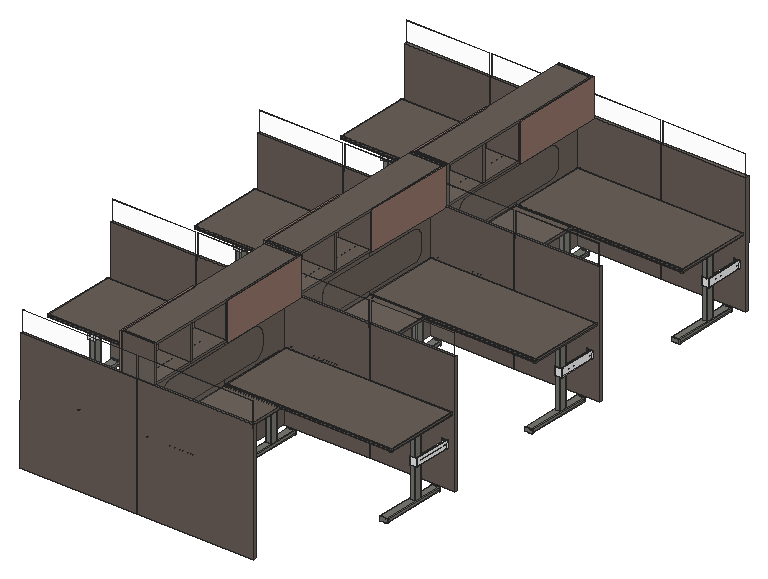
Revit family "OFS TYPICAL T200051", category Furniture, Revit 2018
Family settings
  OmniClass Number = 23.40.20.00
  OmniClass Title = General Furniture and Specialties
  Work Plane-Based = No
  Always vertical = No
  Cut with Voids When Loaded = No
  Shared = No
  Room Calculation Point = No
Parameters (values of type "T200051")
  URL = "https://ofs.com/"
  Manufacturer = "OFS"
  Description = "OFS TYPICAL T200051"
  Copyright © = "©OFS 2024"
  Catalog = "https://ofs.com/typical/t200051"
  Authoring Version = "Autodesk Revit Architecture 2018"
  Assembly Code = "E2020400"
Reference planes (in)
  plane 1 "Center Front/Back": y = 0
  plane 2: z = 0
  plane 3 "Center Left/Right": x = 0
Dimensions and locks (in)
  aligned and locked: level to plane 2
Nested families (in)
  nested 1: "OFS ELEMENT OPEN L DESK LEFT AND RIGHT 84in Width 60in Return" at (102, 18.84375, 84), type "ELEMENT OPEN L DESK LEFT RETURN 84in Width 60in Return"
    with Right Desk Ovelay no, Left Desk Overlay no, Desk Overlay Option yes
  nested 2: "STAKS CORNER SHELF FOR WALL PANEL" at (-5.59619, -47.09619, -1.25) x (-0.7071, 0.7071, 0) z (0, 0, 1), type "STAKS CORNER SHELF FOR WALL PANEL"
    with Height Above Floor 29"
  nested 3: "STAKS CORNER SHELF FOR WALL PANEL" at (-5.59619, 98.40381, -1.25) x (0.7071, -0.7071, 0) z (0, 0, 1), type "STAKS CORNER SHELF FOR WALL PANEL"
    with Height Above Floor 29"
  nested 4: "STAKS CORNER SHELF FOR WALL PANEL" at (4.59619, 25.40381, -1.25) x (0.7071, 0.7071, 0) z (0, 0, 1), type "STAKS CORNER SHELF FOR WALL PANEL"
    with Height Above Floor 29"
  nested 5: "STAKS CORNER SHELF FOR WALL PANEL" at (4.59619, 98.40381, -1.25) x (0.7071, 0.7071, 0) z (0, 0, 1), type "STAKS CORNER SHELF FOR WALL PANEL"
    with Height Above Floor 29"
  nested 6: "STAKS CORNER SHELF FOR WALL PANEL" at (4.59619, -47.09619, -1.25) x (0.7071, 0.7071, 0) z (0, 0, 1), type "STAKS CORNER SHELF FOR WALL PANEL"
    with Height Above Floor 29"
  nested 7: "STAKS CORNER SHELF FOR WALL PANEL" at (-5.59619, 25.40381, -1.25) x (0.7071, -0.7071, 0) z (0, 0, 1), type "STAKS CORNER SHELF FOR WALL PANEL"
    with Height Above Floor 29"
  nested 8: "STAKS 15H SHARED ORGANIZER Two Openings Left" at (-8.83365, 39.94502, 0) x (0, 1, 0) z (0, 0, 1), type "STAKS 15H SHARED ORGANIZER Two Openings Left 72in W"
    with Height Above Floor 62 1/2"
  nested 9: "STAKS 15H SHARED ORGANIZER Two Openings Left" at (6.95272, 21.42727, 0) x (0, -1, 0) z (0, 0, 1), type "STAKS 15H SHARED ORGANIZER Two Openings Left 72in W"
    with Height Above Floor 62 1/2"
  nested 10: "STAKS 15H SHARED ORGANIZER Two Openings Left" at (-8.83037, -105.55498, 0) x (0, 1, 0) z (0, 0, 1), type "STAKS 15H SHARED ORGANIZER Two Openings Left 72in W"
    with Height Above Floor 62 1/2"
  nested 11: "STAKS RECTANGULAR WORKSURFACES Long Grain" at (-0.33365, -49.05498, 0) x (0, 1, 0) z (0, 0, 1), type "STAKS RECTANGULAR WORKSURFACE 40 x 22"
    with Height Above Floor 29"
  nested 12: "STAKS RECTANGULAR WORKSURFACES Long Grain" at (-26.33365, 23.44502, 0) x (0, 1, 0) z (0, 0, 1), type "STAKS RECTANGULAR WORKSURFACE 40 x 22"
    with Height Above Floor 29"
  nested 13: "STAKS RECTANGULAR WORKSURFACES Long Grain" at (0.19185, -121.55498, 0) x (0, 1, 0) z (0, 0, 1), type "STAKS RECTANGULAR WORKSURFACE 40 x 22"
    with Height Above Floor 29"
  nested 14: "STAKS RECTANGULAR WORKSURFACES Long Grain" at (-0.33365, 23.44502, 0) x (0, 1, 0) z (0, 0, 1), type "STAKS RECTANGULAR WORKSURFACE 40 x 22"
    with Height Above Floor 29"
  nested 15: "STAKS RECTANGULAR WORKSURFACES Long Grain" at (-26.83365, -121.55498, 0) x (0, 1, 0) z (0, 0, 1), type "STAKS RECTANGULAR WORKSURFACE 40 x 22"
    with Height Above Floor 29"
  nested 16: "STAKS RECTANGULAR WORKSURFACES Long Grain" at (-26.33365, -49.05498, 0) x (0, 1, 0) z (0, 0, 1), type "STAKS RECTANGULAR WORKSURFACE 40 x 22"
    with Height Above Floor 29"
  nested 17: "STAKS BENCHING RECTANGULAR WORKSURFACES" at (75.05498, 69.66635, 0) x (-1, 0, 0) z (0, 0, 1), type "STAKS BENCHING RECTANGULAR WORKSURFACE 66 X 30"
  nested 18: "STAKS BENCHING RECTANGULAR WORKSURFACES" at (5.05498, -3.33365, 0) x (-1, 0, 0) z (0, 0, 1), type "STAKS BENCHING RECTANGULAR WORKSURFACE 66 X 30"
  nested 19: "STAKS BENCHING RECTANGULAR WORKSURFACES" at (4.55498, -75.83365, 0) x (-1, 0, 0) z (0, 0, 1), type "STAKS BENCHING RECTANGULAR WORKSURFACE 66 X 30"
  nested 20: "STAKS BENCHING RECTANGULAR WORKSURFACES" at (75.05498, -3.33365, 0) x (-1, 0, 0) z (0, 0, 1), type "STAKS BENCHING RECTANGULAR WORKSURFACE 66 X 30"
  nested 21: "STAKS BENCHING RECTANGULAR WORKSURFACES" at (5.05498, 69.66635, 0) x (-1, 0, 0) z (0, 0, 1), type "STAKS BENCHING RECTANGULAR WORKSURFACE 66 X 30"
  nested 22: "STAKS BENCHING RECTANGULAR WORKSURFACES" at (75.55498, -75.83365, 0) x (-1, 0, 0) z (0, 0, 1), type "STAKS BENCHING RECTANGULAR WORKSURFACE 66 X 30"
  nested 23: "STAKS WORKSURFACE HEIGHT PEDESTAL - BOX-BOX-FILE - NO RISER SUPPORT" at (24.52586, -127.03961, 0) x (0, 1, 0) z (0, 0, 1), type "STAKS WORKSURFACE HEIGHT PEDESTAL - BOX-BOX-FILE - NO RISER SUPPORT 19in D"
  nested 24: "STAKS WORKSURFACE HEIGHT PEDESTAL - BOX-BOX-FILE - NO RISER SUPPORT" at (-25.50035, -85.08539, 0) x (0, -1, 0) z (0, 0, 1), type "STAKS WORKSURFACE HEIGHT PEDESTAL - BOX-BOX-FILE - NO RISER SUPPORT 19in D"
  nested 25: "STAKS WORKSURFACE HEIGHT PEDESTAL - BOX-BOX-FILE - NO RISER SUPPORT" at (-25.00035, 59.91461, 0) x (0, -1, 0) z (0, 0, 1), type "STAKS WORKSURFACE HEIGHT PEDESTAL - BOX-BOX-FILE - NO RISER SUPPORT 19in D"
  nested 26: "STAKS WORKSURFACE HEIGHT PEDESTAL - BOX-BOX-FILE - NO RISER SUPPORT" at (-25.00035, -12.58539, 0) x (0, -1, 0) z (0, 0, 1), type "STAKS WORKSURFACE HEIGHT PEDESTAL - BOX-BOX-FILE - NO RISER SUPPORT 19in D"
  nested 27: "STAKS WORKSURFACE HEIGHT PEDESTAL - BOX-BOX-FILE - NO RISER SUPPORT" at (24.00035, -54.53961, 0) x (0, 1, 0) z (0, 0, 1), type "STAKS WORKSURFACE HEIGHT PEDESTAL - BOX-BOX-FILE - NO RISER SUPPORT 19in D"
  nested 28: "STAKS WORKSURFACE HEIGHT PEDESTAL - BOX-BOX-FILE - NO RISER SUPPORT" at (24.00035, 17.96039, 0) x (0, 1, 0) z (0, 0, 1), type "STAKS WORKSURFACE HEIGHT PEDESTAL - BOX-BOX-FILE - NO RISER SUPPORT 19in D"
  nested 29: "STAKS SPINE OR DIVIDER WALL 48in" at (-2.83365, -7.55498, 0) x (0, 1, 0) z (0, 0, 1), type "STAKS SPINE OR DIVIDER WALL 48in X 30in"
    with Height Above Floor 48"
  nested 30: "STAKS SPINE OR DIVIDER WALL 48in" at (-2.83365, 65.44502, 0) x (0, 1, 0) z (0, 0, 1), type "STAKS SPINE OR DIVIDER WALL 48in X 30in"
    with Height Above Floor 48"
  nested 31: "STAKS SPINE OR DIVIDER WALL 48in" at (-2.83365, -79.55498, 0) x (0, 1, 0) z (0, 0, 1), type "STAKS SPINE OR DIVIDER WALL 48in X 30in"
    with Height Above Floor 48"
  nested 32: "STAKS SPINE OR DIVIDER WALL 48in" at (-42.05498, 32.83365, 0), type "STAKS SPINE OR DIVIDER WALL 48in X 34in"
    with Height Above Floor 48", Width 34"
  nested 33: "STAKS SPINE OR DIVIDER WALL 48in" at (25.94502, 105.83365, 0), type "STAKS SPINE OR DIVIDER WALL 48in X 34in"
    with Height Above Floor 48", Width 34"
  nested 34: "STAKS SPINE OR DIVIDER WALL 48in" at (-76.05498, 105.83365, 0), type "STAKS SPINE OR DIVIDER WALL 48in X 34in"
    with Height Above Floor 48", Width 34"
  nested 35: "STAKS SPINE OR DIVIDER WALL 48in" at (-8.05498, 105.83365, 0), type "STAKS SPINE OR DIVIDER WALL 48in X 34in"
    with Height Above Floor 48", Width 34"
  nested 36: "STAKS SPINE OR DIVIDER WALL 48in" at (-42.05498, 105.83365, 0), type "STAKS SPINE OR DIVIDER WALL 48in X 34in"
    with Height Above Floor 48", Width 34"
  nested 37: "STAKS SPINE OR DIVIDER WALL 48in" at (-76.55498, -39.66635, 0), type "STAKS SPINE OR DIVIDER WALL 48in X 34in"
    with Height Above Floor 48", Width 34"
  nested 38: "STAKS SPINE OR DIVIDER WALL 48in" at (-42.55498, -39.66635, 0), type "STAKS SPINE OR DIVIDER WALL 48in X 34in"
    with Height Above Floor 48", Width 34"
  nested 39: "STAKS SPINE OR DIVIDER WALL 48in" at (26.44502, -39.66635, 0), type "STAKS SPINE OR DIVIDER WALL 48in X 34in"
    with Height Above Floor 48", Width 34"
  nested 40: "STAKS SPINE OR DIVIDER WALL 48in" at (-76.05498, 32.83365, 0), type "STAKS SPINE OR DIVIDER WALL 48in X 34in"
    with Height Above Floor 48", Width 34"
  nested 41: "STAKS SPINE OR DIVIDER WALL 48in" at (-7.55498, -39.66635, 0), type "STAKS SPINE OR DIVIDER WALL 48in X 34in"
    with Height Above Floor 48", Width 34"
  nested 42: "STAKS SPINE OR DIVIDER WALL 48in" at (25.94502, 32.83365, 0), type "STAKS SPINE OR DIVIDER WALL 48in X 34in"
    with Height Above Floor 48", Width 34"
  nested 43: "STAKS SPINE OR DIVIDER WALL 48in" at (-8.05498, 32.83365, 0), type "STAKS SPINE OR DIVIDER WALL 48in X 34in"
    with Height Above Floor 48", Width 34"
  nested 44: "STAKS SPINE OR DIVIDER WALL 48in" at (-2.83365, -49.55498, 0) x (0, 1, 0) z (0, 0, 1), type "STAKS SPINE OR DIVIDER WALL 48in X 42in"
    with Height Above Floor 48"
  nested 45: "STAKS SPINE OR DIVIDER WALL 48in" at (-2.83365, -121.55498, 0) x (0, 1, 0) z (0, 0, 1), type "STAKS SPINE OR DIVIDER WALL 48in X 42in"
    with Height Above Floor 48"
  nested 46: "STAKS SPINE OR DIVIDER WALL 48in" at (-2.83365, 23.44502, 0) x (0, 1, 0) z (0, 0, 1), type "STAKS SPINE OR DIVIDER WALL 48in X 42in"
    with Height Above Floor 48"
  nested 47: "STAKS SPINE OR DIVIDER WALL 48in" at (-8.05498, -112.16635, 0), type "STAKS SPINE OR DIVIDER WALL 48in X 46.5in"
    with Height Above Floor 48", Width 46 1/2"
  nested 48: "STAKS SPINE OR DIVIDER WALL 48in" at (-54.55498, -112.16635, 0), type "STAKS SPINE OR DIVIDER WALL 48in X 46.5in"
    with Height Above Floor 48", Width 46 1/2"
  nested 49: "STAKS FROSTED ACRYLIC PRIVACY PANEL" at (-1, 27.74694, 0), type "STAKS FROSTED ACRYLIC PRIVACY PANEL 33 x 10"
  nested 50: "STAKS FROSTED ACRYLIC PRIVACY PANEL" at (-35, 27.74694, 0), type "STAKS FROSTED ACRYLIC PRIVACY PANEL 33 x 10"
  nested 51: "STAKS FROSTED ACRYLIC PRIVACY PANEL" at (67, 27.74694, 0), type "STAKS FROSTED ACRYLIC PRIVACY PANEL 33 x 10"
  nested 52: "STAKS FROSTED ACRYLIC PRIVACY PANEL" at (33, 27.74694, 0), type "STAKS FROSTED ACRYLIC PRIVACY PANEL 33 x 10"
  nested 53: "STAKS FROSTED ACRYLIC PRIVACY PANEL" at (33.5, -44.75035, 0), type "STAKS FROSTED ACRYLIC PRIVACY PANEL 33 x 10"
  nested 54: "STAKS FROSTED ACRYLIC PRIVACY PANEL" at (-1.5, -44.75035, 0), type "STAKS FROSTED ACRYLIC PRIVACY PANEL 33 x 10"
  nested 55: "STAKS FROSTED ACRYLIC PRIVACY PANEL" at (-35.5, -44.75035, 0), type "STAKS FROSTED ACRYLIC PRIVACY PANEL 33 x 10"
  nested 56: "STAKS FROSTED ACRYLIC PRIVACY PANEL" at (67, 100.74965, 0), type "STAKS FROSTED ACRYLIC PRIVACY PANEL 33 x 10"
  nested 57: "STAKS FROSTED ACRYLIC PRIVACY PANEL" at (33, 100.74965, 0), type "STAKS FROSTED ACRYLIC PRIVACY PANEL 33 x 10"
  nested 58: "STAKS FROSTED ACRYLIC PRIVACY PANEL" at (-35, 100.74965, 0), type "STAKS FROSTED ACRYLIC PRIVACY PANEL 33 x 10"
  nested 59: "STAKS FROSTED ACRYLIC PRIVACY PANEL" at (-1, 100.74965, 0), type "STAKS FROSTED ACRYLIC PRIVACY PANEL 33 x 10"
  nested 60: "STAKS FROSTED ACRYLIC PRIVACY PANEL" at (34.5, -44.75035, 0) x (-1, 0, 0) z (0, 0, 1), type "STAKS FROSTED ACRYLIC PRIVACY PANEL 33 x 10"
  nested 61: "STAKS FROSTED ACRYLIC PRIVACY PANEL" at (-7.25, -117.23714, 0), type "STAKS FROSTED ACRYLIC PRIVACY PANEL 45.5 x 10"
    with Width 45 1/2"
  nested 62: "STAKS FROSTED ACRYLIC PRIVACY PANEL" at (39.125, -117.23714, 0), type "STAKS FROSTED ACRYLIC PRIVACY PANEL 45.5 x 10"
    with Width 45 1/2"
  nested 63: "STAKS FABRIC TACKBOARD WITH ROUNDED CORNERS FOR SPINE OR DIVIDER WALL" at (-1.83365, 36.50386, 0) x (0, 1, 0) z (0, 0, 1), type "STAKS FABRIC TACKBOARD WITH ROUNDED CORNERS FOR SPINE OR DIVIDER WALL 12H x 49-73.9375W"
    with Height Above Floor 41 1/2"
  nested 64: "STAKS FABRIC TACKBOARD WITH ROUNDED CORNERS FOR SPINE OR DIVIDER WALL" at (-3.33365, 36.50386, 0) x (0, 1, 0) z (0, 0, 1), type "STAKS FABRIC TACKBOARD WITH ROUNDED CORNERS FOR SPINE OR DIVIDER WALL 12H x 49-73.9375W"
    with Height Above Floor 41 1/2"
  nested 65: "STAKS FABRIC TACKBOARD WITH ROUNDED CORNERS FOR SPINE OR DIVIDER WALL" at (-1.83365, -31.46991, 0) x (0, 1, 0) z (0, 0, 1), type "STAKS FABRIC TACKBOARD WITH ROUNDED CORNERS FOR SPINE OR DIVIDER WALL 12H x 49-73.9375W"
    with Height Above Floor 41 1/2"
  nested 66: "STAKS FABRIC TACKBOARD WITH ROUNDED CORNERS FOR SPINE OR DIVIDER WALL" at (-3.33365, -31.46991, 0) x (0, 1, 0) z (0, 0, 1), type "STAKS FABRIC TACKBOARD WITH ROUNDED CORNERS FOR SPINE OR DIVIDER WALL 12H x 49-73.9375W"
    with Height Above Floor 41 1/2"
  nested 67: "STAKS FABRIC TACKBOARD WITH ROUNDED CORNERS FOR SPINE OR DIVIDER WALL" at (-1.83365, -110.5397, 0) x (0, 1, 0) z (0, 0, 1), type "STAKS FABRIC TACKBOARD WITH ROUNDED CORNERS FOR SPINE OR DIVIDER WALL 12H x 49-73.9375W"
    with Height Above Floor 41 1/2"
  nested 68: "STAKS FABRIC TACKBOARD WITH ROUNDED CORNERS FOR SPINE OR DIVIDER WALL" at (-3.33365, -110.63214, 0) x (0, 1, 0) z (0, 0, 1), type "STAKS FABRIC TACKBOARD WITH ROUNDED CORNERS FOR SPINE OR DIVIDER WALL 12H x 49-73.9375W"
    with Height Above Floor 41 1/2"
  nested 69: "STAKS OFFSET ELECTRIC ADJUSTABLE HEIGHT BASE Rectangular" at (-47.74016, -53.43749, 0), type "STAKS OFFSET ELECTRIC ADJUSTABLE HEIGHT BASE 30in Rectangular"
    with Height 27 7/8"
  nested 70: "STAKS OFFSET ELECTRIC ADJUSTABLE HEIGHT BASE Rectangular" at (22.25984, -53.37535, 0), type "STAKS OFFSET ELECTRIC ADJUSTABLE HEIGHT BASE 30in Rectangular"
    with Height 27 7/8"
  nested 71: "STAKS OFFSET ELECTRIC ADJUSTABLE HEIGHT BASE Rectangular" at (22.36906, 19.07184, 0), type "STAKS OFFSET ELECTRIC ADJUSTABLE HEIGHT BASE 30in Rectangular"
    with Height 27 7/8"
  nested 72: "STAKS OFFSET ELECTRIC ADJUSTABLE HEIGHT BASE Rectangular" at (-47.62546, 18.99377, 0), type "STAKS OFFSET ELECTRIC ADJUSTABLE HEIGHT BASE 30in Rectangular"
    with Height 27 7/8"
  nested 73: "STAKS OFFSET ELECTRIC ADJUSTABLE HEIGHT BASE Rectangular" at (-47.45105, 92.03456, 0), type "STAKS OFFSET ELECTRIC ADJUSTABLE HEIGHT BASE 30in Rectangular"
    with Height 27 7/8"
  nested 74: "STAKS OFFSET ELECTRIC ADJUSTABLE HEIGHT BASE Rectangular" at (22.55003, 92.02286, 0), type "STAKS OFFSET ELECTRIC ADJUSTABLE HEIGHT BASE 30in Rectangular"
    with Height 27 7/8"
  nested 75: "STAKS OFFSET ELECTRIC ADJUSTABLE HEIGHT BASE Rectangular" at (-23.21181, 92.00499, 0) x (-1, 0, 0) z (0, 0, 1), type "STAKS OFFSET ELECTRIC ADJUSTABLE HEIGHT BASE 30in Rectangular"
    with Height 27 7/8"
  nested 76: "STAKS OFFSET ELECTRIC ADJUSTABLE HEIGHT BASE Rectangular" at (46.5, 92.03456, 0) x (-1, 0, 0) z (0, 0, 1), type "STAKS OFFSET ELECTRIC ADJUSTABLE HEIGHT BASE 30in Rectangular"
    with Height 27 7/8"
  nested 77: "STAKS OFFSET ELECTRIC ADJUSTABLE HEIGHT BASE Rectangular" at (-22.5, 19.07184, 0) x (-1, 0, 0) z (0, 0, 1), type "STAKS OFFSET ELECTRIC ADJUSTABLE HEIGHT BASE 30in Rectangular"
    with Height 27 7/8"
  nested 78: "STAKS OFFSET ELECTRIC ADJUSTABLE HEIGHT BASE Rectangular" at (46.5, 19.07184, 0) x (-1, 0, 0) z (0, 0, 1), type "STAKS OFFSET ELECTRIC ADJUSTABLE HEIGHT BASE 30in Rectangular"
    with Height 27 7/8"
  nested 79: "STAKS OFFSET ELECTRIC ADJUSTABLE HEIGHT BASE Rectangular" at (-23.25984, -53.37535, 0) x (-1, 0, 0) z (0, 0, 1), type "STAKS OFFSET ELECTRIC ADJUSTABLE HEIGHT BASE 30in Rectangular"
    with Height 27 7/8"
  nested 80: "STAKS OFFSET ELECTRIC ADJUSTABLE HEIGHT BASE Rectangular" at (46.72373, -53.46431, 0) x (-1, 0, 0) z (0, 0, 1), type "STAKS OFFSET ELECTRIC ADJUSTABLE HEIGHT BASE 30in Rectangular"
    with Height 27 7/8"
  nested 81: "STAKS BENCHING CANTILEVER WORKSURFACE BRACKET - OPEN" at (-4.37535, -110.62364, 0) x (0, -1, 0) z (0, 0, 1), type "CANTILEVER WORKSURFACE BRACKET - OPEN 22in"
  nested 82: "STAKS BENCHING CANTILEVER WORKSURFACE BRACKET - OPEN" at (-3.87535, -37.5, 0) x (0, -1, 0) z (0, 0, 1), type "CANTILEVER WORKSURFACE BRACKET - OPEN 22in"
  nested 83: "STAKS BENCHING CANTILEVER WORKSURFACE BRACKET - OPEN" at (-4.37535, 34.5, 0) x (0, -1, 0) z (0, 0, 1), type "CANTILEVER WORKSURFACE BRACKET - OPEN 22in"
  nested 84: "STAKS BENCHING CANTILEVER WORKSURFACE BRACKET - OPEN" at (3.37535, 67.53171, 0) x (0, 1, 0) z (0, 0, 1), type "CANTILEVER WORKSURFACE BRACKET - OPEN 22in"
  nested 85: "STAKS BENCHING CANTILEVER WORKSURFACE BRACKET - OPEN" at (4.37535, -4.46241, 0) x (0, 1, 0) z (0, 0, 1), type "CANTILEVER WORKSURFACE BRACKET - OPEN 22in"
  nested 86: "STAKS BENCHING CANTILEVER WORKSURFACE BRACKET - OPEN" at (3.37535, -77.59933, 0) x (0, 1, 0) z (0, 0, 1), type "CANTILEVER WORKSURFACE BRACKET - OPEN 22in"
  nested 87: "OFS STAKS HEIGHT ADJUSTABLE LEG WALL PANEL BRACKET" at (-62.86482, 111.79783, 0) x (0, 1, 0) z (0, 0, 1), type "HA Leg Wall Panel Bracket"
  nested 88: "OFS STAKS HEIGHT ADJUSTABLE LEG WALL PANEL BRACKET" at (7.13518, 111.80659, 0) x (0, 1, 0) z (0, 0, 1), type "HA Leg Wall Panel Bracket"
  nested 89: "OFS STAKS HEIGHT ADJUSTABLE LEG WALL PANEL BRACKET" at (-5.62465, 111.80659, 0) x (0, 1, 0) z (0, 0, 1), type "HA Leg Wall Panel Bracket"
  nested 90: "OFS STAKS HEIGHT ADJUSTABLE LEG WALL PANEL BRACKET" at (-4.92634, 38.8125, 0) x (0, 1, 0) z (0, 0, 1), type "HA Leg Wall Panel Bracket"
  nested 91: "OFS STAKS HEIGHT ADJUSTABLE LEG WALL PANEL BRACKET" at (-63.14741, -33.6875, 0) x (0, 1, 0) z (0, 0, 1), type "HA Leg Wall Panel Bracket"
  nested 92: "OFS STAKS HEIGHT ADJUSTABLE LEG WALL PANEL BRACKET" at (-5.68351, -33.6875, 0) x (0, 1, 0) z (0, 0, 1), type "HA Leg Wall Panel Bracket"
  nested 93: "OFS STAKS HEIGHT ADJUSTABLE LEG WALL PANEL BRACKET" at (-63.06058, 38.80423, 0) x (0, 1, 0) z (0, 0, 1), type "HA Leg Wall Panel Bracket"
  nested 94: "OFS STAKS HEIGHT ADJUSTABLE LEG WALL PANEL BRACKET" at (61.90346, 38.80222, 0) x (0, 1, 0) z (0, 0, 1), type "HA Leg Wall Panel Bracket"
  nested 95: "OFS STAKS HEIGHT ADJUSTABLE LEG WALL PANEL BRACKET" at (61.93143, 111.8125, 0) x (0, 1, 0) z (0, 0, 1), type "HA Leg Wall Panel Bracket"
  nested 96: "OFS STAKS HEIGHT ADJUSTABLE LEG WALL PANEL BRACKET" at (4.80049, 38.80693, 0) x (0, 1, 0) z (0, 0, 1), type "HA Leg Wall Panel Bracket"
  nested 97: "OFS STAKS HEIGHT ADJUSTABLE LEG WALL PANEL BRACKET" at (62.17159, -33.6875, 0) x (0, 1, 0) z (0, 0, 1), type "HA Leg Wall Panel Bracket"
  nested 98: "OFS STAKS HEIGHT ADJUSTABLE LEG WALL PANEL BRACKET" at (4.68478, -33.65197, 0) x (0, 1, 0) z (0, 0, 1), type "HA Leg Wall Panel Bracket"
Definition of nested family "STAKS CORNER SHELF FOR WALL PANEL"
  Parameters (values of type "STAKS CORNER SHELF FOR WALL PANEL")
    Width = 21"
    Veneer Material = none
    URL = "http://www.ofs.com/"
    Height Above Floor [instance] = 29"
    Height = 3/4"
    Edge Material = none
    Model = "6-2108SHLF"
    Manufacturer = "OFS"
    Description = "OFS STAKS CORNER SHELF FOR WALL PANEL"
    Depth = 8"
    Copyright © = "© 2018 OFS"
    Catalog = "https://ofs.com/products/casegoods/private-office/staks"
    Authoring Version = "Autodesk Revit Architecture 2013"
    Assembly Code = "E2020200"
    3D Laminate Material = none
  Reference planes (in)
    plane 1 "Center (Front/Back)": y = 0
    plane 2: z = 0
    plane 3 "Center (Left/Right)": x = 0
    plane 4: x = 10.5
    plane 5: x = -10.5
    plane 6: y = 4
    plane 7: y = -4
    plane 8: z = 28.25
    plane 9: z = 29
  Forms (in)
    Extrusion 1, solid, material <- "3D Laminate Material"
      sketch origin (3.56329, 81.33771, 7) x (-1, 0, 0) y (0, -1, 0)
        loop
          line (14.06329, 85.33771) -> (-6.93671, 85.33771) -> (1.06329, 77.33771) -> (6.06329, 77.33771) -> (14.06329, 85.33771)
      from 22 to 21.25
  Dimensions and locks (in)
    equal spacing: plane 5, plane 3 "Center (Left/Right)", plane 4
    "Width": plane 5 to plane 4
    "Depth": plane 6 to plane 7
    equal spacing: plane 7, plane 1 "Center (Front/Back)", plane 6
    "Height": plane 9 to plane 8
    "Height Above Floor": plane 9 to level
    aligned and locked: level to plane 2
    aligned and locked: plane 9 to Extrusion 1
    aligned and locked: Extrusion 1 to plane 8
    aligned and locked: plane 4 to Extrusion 1 sketch curve
    aligned and locked: Extrusion 1 sketch curve to plane 6
  Automatic sketch dimensions
    plane 7 to Extrusion 1 sketch curve = 0"
    plane 3 "Center (Left/Right)" to Extrusion 1 sketch curve = 2 1/2"
    Extrusion 1 sketch curve to plane 3 "Center (Left/Right)" = 2 1/2"
    Extrusion 1 sketch curve to plane 5 = 0"
Definition of nested family "STAKS 15H SHARED ORGANIZER Two Openings Left"
  Parameters (values of type "STAKS 15H SHARED ORGANIZER Two Openings Left 54in W")
    URL = "http://www.ofs.com/"
    Height Above Floor [instance] = 62 1/2"
    Height = 15"
    Doors Material = none
    Depth = 14 1/2"
    Model = "6-5415LSORG4C"
    Manufacturer = "OFS"
    Description = "OFS STAKS 15H SHARED ORGANIZER 54\" Width, Two Openings on each Side, Aligned to the Left"
    Width = 54"
    Copyright © = "© 2018 OFS"
    Catalog = "https://ofs.com/products/casegoods/private-office/staks"
    Board Material = none
    Board Thickness = 3/4"
    Authoring Version = "Autodesk Revit Architecture 2013"
    Assembly Code = "E2020200"
  Types (6): name | Model | Description | Width
    STAKS 15H SHARED ORGANIZER Two Openings Left 54in W | "6-5415LSORG4C" | "OFS STAKS 15H SHARED ORGANIZER 54\" Width, Two Openings on each Side, Aligned to the Left" | 54"
    STAKS 15H SHARED ORGANIZER Two Openings Left 60in W | "6-6015LSORG4C" | "OFS STAKS 15H SHARED ORGANIZER 60\" Width, Two Openings on each Side, Aligned to the Left" | 60"
    STAKS 15H SHARED ORGANIZER Two Openings Left 66in W | "6-6615LSORG4C" | "OFS STAKS 15H SHARED ORGANIZER 66\" Width, Two Openings on each Side, Aligned to the Left" | 66"
    STAKS 15H SHARED ORGANIZER Two Openings Left 72in W | "6-7215LSORG4C" | "OFS STAKS 15H SHARED ORGANIZER 72\" Width, Two Openings on each Side, Aligned to the Left" | 72"
    STAKS 15H SHARED ORGANIZER Two Openings Left 78in W | "6-7815LSORG4C" | "OFS STAKS 15H SHARED ORGANIZER 78\" Width, Two Openings on each Side, Aligned to the Left" | 78"
    STAKS 15H SHARED ORGANIZER Two Openings Left 84in W | "6-8415LSORG4C" | "OFS STAKS 15H SHARED ORGANIZER 84\" Width, Two Openings on each Side, Aligned to the Left" | 84"
  Reference planes (in)
    plane 1: z = -0.125
    plane 2 "LEFT": x = 0.05498
    plane 3 "RIGHT": x = 54.05498
    plane 4 "BACK": y = -1.83365
    plane 5 "FRONT": y = -14.83365
    plane 6: x = 0.80498
    plane 7: x = 53.30498
    plane 8: z = 47.375
    plane 9 "SURFACE TOP": z = 62.375
    plane 10: z = 48.125
    plane 11: x = 27.05498
    plane 12: z = 61.625
    plane 13: y = -8.33365
    plane 14: y = -7.95865
    plane 15: y = -8.70865
    plane 16: x = 13.74248
    plane 17: x = 40.36748
    plane 18: x = 40.74248
    plane 19: x = 39.99248
    plane 20: x = 13.36748
    plane 21: x = 14.11748
    plane 22: y = -1.08365
    plane 23: y = -15.58365
    plane 24: x = 27.42998
    plane 25: x = 26.67998
  Forms (in)
    Extrusion 1, solid, material <- "Board Material"
      sketch origin (0, 0, 62.375) x (0, 1, 0) y (-1, 0, 0)
        loop
          line (-1.83365, -0.80498) -> (-14.83365, -0.80498) -> (-14.83365, -53.30498) -> (-1.83365, -53.30498) -> (-1.83365, -0.80498)
      from -14.25 to -15
    Extrusion 2, solid, material <- "Board Material"
      sketch origin (0, 0, 62.375) x (0, 1, 0) y (-1, 0, 0)
        loop
          line (-1.83365, -0.80498) -> (-1.83365, -0.05498) -> (-14.83365, -0.05498) -> (-14.83365, -0.80498) -> (-1.83365, -0.80498)
        loop
          line (-1.83365, -54.05498) -> (-1.83365, -53.30498) -> (-14.83365, -53.30498) -> (-14.83365, -54.05498) -> (-1.83365, -54.05498)
      from 0 to -15
    Extrusion 3, solid, material <- "Board Material"
      sketch origin (0, 0, 27.375) x (0, 1, 0) y (-1, 0, 0)
        loop
          line (-1.83365, -0.80498) -> (-14.83365, -0.80498) -> (-14.83365, -53.30498) -> (-1.83365, -53.30498) -> (-1.83365, -0.80498)
      from 35 to 34.25
    Extrusion 4, solid, material <- "Board Material"
      sketch origin (0, 0, 62.375) x (0, 1, 0) y (-1, 0, 0)
        loop
          line (-1.83365, -39.99248) -> (-14.83365, -39.99248) -> (-14.83365, -40.74248) -> (-1.83365, -40.74248) -> (-1.83365, -39.99248)
      from -0.75 to -14.25
    Extrusion 5, solid, material <- "Board Material"
      sketch origin (54.10996, 0, 62.375) x (0, 1, 0) y (-1, 0, 0)
        loop
          line (-1.83365, 39.99248) -> (-1.83365, 40.74248) -> (-14.83365, 40.74248) -> (-14.83365, 39.99248) -> (-1.83365, 39.99248)
      from -0.75 to -14.25
    Extrusion 6, solid, material <- "Doors Material"
      sketch origin (-45.26558, 47.63816, -0.125) x (0, 1, 0) y (-1, 0, 0)
        loop
          line (-48.72181, -45.32056) -> (-49.47181, -45.32056) -> (-49.47181, -72.69556) -> (-48.72181, -72.69556) -> (-48.72181, -45.32056)
      from 62.5 to 47.5
    Extrusion 7, solid, material <- "Board Material"
      sketch origin (-13.3125, 0, 62.375) x (0, 1, 0) y (-1, 0, 0)
        loop
          line (-1.83365, -39.99248) -> (-14.83365, -39.99248) -> (-14.83365, -40.74248) -> (-1.83365, -40.74248) -> (-1.83365, -39.99248)
      from -0.75 to -14.25
    Extrusion 8, solid, material <- "Doors Material"
      sketch origin (-113.26558, -64.30546, -0.125) x (0, -1, 0) y (1, 0, 0)
        loop
          line (-48.72181, 139.94556) -> (-48.72181, 167.32056) -> (-49.47181, 167.32056) -> (-49.47181, 139.94556) -> (-48.72181, 139.94556)
      from 62.5 to 47.5
  Dimensions and locks (in)
    "Width": plane 2 "LEFT" to plane 3 "RIGHT"
    "Height": plane 9 "SURFACE TOP" to plane 8
    "Board Thickness": plane 2 "LEFT" to plane 6
    "Board Thickness": plane 7 to plane 3 "RIGHT"
    "Height Above Floor": plane 9 "SURFACE TOP" to level
    "Board Thickness": plane 10 to plane 8
    equal spacing: plane 2 "LEFT", plane 11, plane 3 "RIGHT"
    "Board Thickness": plane 9 "SURFACE TOP" to plane 12
    equal spacing: plane 4 "BACK", plane 13, plane 5 "FRONT"
    equal spacing: plane 14, plane 13, plane 15
    "Board Thickness": plane 14 to plane 15
    equal spacing: plane 19, plane 17, plane 18
    "Board Thickness": plane 19 to plane 18
    equal spacing: plane 21, plane 16, plane 20
    "Board Thickness": plane 21 to plane 20
    locked: plane 5 "FRONT" to plane 23 at 0.75
    locked: plane 22 to plane 4 "BACK" at 0.75
    "Depth": plane 22 to plane 23
    equal spacing: plane 25, plane 11, plane 24
    "Board Thickness": plane 25 to plane 24
    equal spacing: plane 6, plane 16, plane 25
    equal spacing: plane 24, plane 17, plane 7
    aligned: level to plane 1
    aligned and locked: Extrusion 1 sketch curve to plane 4 "BACK"
    aligned and locked: plane 6 to Extrusion 1 sketch curve
    aligned and locked: plane 5 "FRONT" to Extrusion 1 sketch curve
    aligned and locked: Extrusion 1 sketch curve to plane 7
    aligned and locked: Extrusion 1 to plane 8
    aligned and locked: plane 10 to Extrusion 1
    aligned and locked: Extrusion 1 to Extrusion 2 sketch curve  (x2)
    aligned and locked: Extrusion 2 sketch curve to Extrusion 1  (x2)
    aligned and locked: Extrusion 2 sketch curve to plane 5 "FRONT"
    aligned and locked: Extrusion 2 sketch curve to plane 2 "LEFT"
    aligned and locked: plane 4 "BACK" to Extrusion 2 sketch curve
    aligned and locked: plane 3 "RIGHT" to Extrusion 2 sketch curve
    aligned and locked: Extrusion 2 to plane 8
    aligned and locked: plane 9 "SURFACE TOP" to Extrusion 2
    aligned and locked: plane 9 "SURFACE TOP" to Extrusion 3
    aligned and locked: Extrusion 3 to plane 12
    aligned and locked: plane 4 "BACK" to Extrusion 3
    aligned and locked: Extrusion 3 to plane 5 "FRONT"
    aligned and locked: Extrusion 3 to plane 6
    aligned and locked: plane 7 to Extrusion 3
    aligned and locked: plane 5 "FRONT" to Extrusion 4 sketch curve
    aligned and locked: Extrusion 5 to plane 20
    aligned and locked: Extrusion 5 to plane 21
    aligned and locked: Extrusion 5 to plane 5 "FRONT"
    aligned and locked: Extrusion 5 to plane 10
    aligned and locked: plane 12 to Extrusion 5
    aligned and locked: Extrusion 6 to plane 8
    aligned and locked: plane 9 "SURFACE TOP" to Extrusion 6
    aligned and locked: plane 4 "BACK" to Extrusion 6
    aligned and locked: Extrusion 6 to plane 22
    aligned and locked: Extrusion 7 to plane 25  (x3)
    aligned and locked: Extrusion 7 to plane 24
    aligned and locked: Extrusion 7 to plane 5 "FRONT"
    aligned and locked: plane 12 to Extrusion 7
    aligned and locked: Extrusion 7 to plane 10
    aligned and locked: Extrusion 8 to plane 8
    aligned and locked: plane 24 to Extrusion 6
    aligned and locked: Extrusion 6 to plane 2 "LEFT"
    aligned and locked: plane 3 "RIGHT" to Extrusion 8
    aligned and locked: Extrusion 8 to plane 25
    aligned and locked: Extrusion 7 to plane 4 "BACK"
    aligned and locked: Extrusion 4 to plane 4 "BACK"
    aligned and locked: Extrusion 5 to plane 4 "BACK"
  Automatic sketch dimensions
    Extrusion 3 sketch curve to plane 5 "FRONT" = 0"
    Extrusion 3 sketch curve to plane 4 "BACK" = 0"
    Extrusion 3 sketch curve to plane 7 = 0"
    Extrusion 3 sketch curve to plane 6 = 0"
    Extrusion 4 sketch curve to plane 18 = 0"
    Extrusion 4 sketch curve to plane 19 = 0"
    Extrusion 5 sketch curve to plane 5 "FRONT" = 0"
    Extrusion 5 sketch curve to plane 15 = 6 7/8"
    Extrusion 5 sketch curve to plane 20 = 0"
    Extrusion 5 sketch curve to plane 21 = 0"
    Extrusion 6 sketch curve to plane 4 "BACK" = 0"
    Extrusion 6 sketch curve to plane 19 = 39 15/16"
    Extrusion 6 sketch curve to plane 22 = 0"
    Extrusion 6 sketch curve to plane 3 "RIGHT" = 26 5/8"
    Extrusion 7 sketch curve to plane 5 "FRONT" = 0"
    plane 15 to Extrusion 7 sketch curve = 6 7/8"
    Extrusion 7 sketch curve to plane 24 = 0"
    Extrusion 7 sketch curve to plane 25 = 0"
    Extrusion 8 sketch curve to plane 5 "FRONT" = 0"
    Extrusion 8 sketch curve to plane 23 = 0"
    plane 6 to Extrusion 8 sketch curve = 25 7/8"
    Extrusion 8 sketch curve to plane 21 = 39 15/16"
    plane 15 to Extrusion 4 sketch curve = 6 7/8"
Definition of nested family "STAKS RECTANGULAR WORKSURFACES Long Grain"
  Parameters (values of type "STAKS RECTANGULAR WORKSURFACE 40 x 22")
    URL = "http://www.ofs.com/"
    Height Above Floor [instance] = 29"
    Height = 1 1/8"
    Depth = 22"
    Model = "6-MCT-40/22"
    Manufacturer = "OFS"
    Description = "OFS STAKS 40 X 22 RECTANGULAR WORKSURFACE For Worksurface or Low Height Applications, Long Grain"
    Width = 40"
    Copyright © = "© 2018 OFS"
    Catalog = "https://ofs.com/products/casegoods/private-office/staks"
    Authoring Version = "Autodesk Revit Architecture 2013"
    Assembly Code = "E2020200"
  Types (27): name | Model | Description | Width
    STAKS RECTANGULAR WORKSURFACE 15.625 x 22 | "6-MCT-15.625/22" | "OFS STAKS 15.625 X 22 RECTANGULAR WORKSURFACE For Worksurface or Low Height Applications, Long Grain" | 15 5/8"
    STAKS RECTANGULAR WORKSURFACE 24 x 22 | "6-MCT-24/22" | "OFS STAKS 24 X 22 RECTANGULAR WORKSURFACE For Worksurface or Low Height Applications, Long Grain" | 24"
    STAKS RECTANGULAR WORKSURFACE 30 x 22 | "6-MCT-30/22" | "OFS STAKS 30 X 22 RECTANGULAR WORKSURFACE For Worksurface or Low Height Applications, Long Grain" | 30"
    STAKS RECTANGULAR WORKSURFACE 34 x 22 | "6-MCT-34/22" | "OFS STAKS 34 X 22 RECTANGULAR WORKSURFACE For Worksurface or Low Height Applications, Long Grain" | 34"
    STAKS RECTANGULAR WORKSURFACE 36 x 22 | "6-MCT-36/22" | "OFS STAKS 36 X 22 RECTANGULAR WORKSURFACE For Worksurface or Low Height Applications, Long Grain" | 36"
    STAKS RECTANGULAR WORKSURFACE 42 x 22 | "6-MCT-42/22" | "OFS STAKS 42 X 22 RECTANGULAR WORKSURFACE For Worksurface or Low Height Applications, Long Grain" | 42"
    STAKS RECTANGULAR WORKSURFACE 46 x 22 | "6-MCT-46/22" | "OFS STAKS 46 X 22 RECTANGULAR WORKSURFACE For Worksurface or Low Height Applications, Long Grain" | 46"
    STAKS RECTANGULAR WORKSURFACE 48 x 22 | "6-MCT-48/22" | "OFS STAKS 48 X 22 RECTANGULAR WORKSURFACE For Worksurface or Low Height Applications, Long Grain" | 48"
    STAKS RECTANGULAR WORKSURFACE 48.5 x 22 | "6-MCT-48.5/22" | "OFS STAKS 48.5 X 22 RECTANGULAR WORKSURFACE For Worksurface or Low Height Applications, Long Grain" | 48 1/2"
    STAKS RECTANGULAR WORKSURFACE 54 x 22 | "6-MCT-54/22" | "OFS STAKS 54 X 22 RECTANGULAR WORKSURFACE For Worksurface or Low Height Applications, Long Grain" | 54"
    STAKS RECTANGULAR WORKSURFACE 55.5 x 22 | "6-MCT-55.5/22" | "OFS STAKS 55.5 X 22 RECTANGULAR WORKSURFACE For Worksurface or Low Height Applications, Long Grain" | 55 1/2"
    STAKS RECTANGULAR WORKSURFACE 59 x 22 | "6-MCT-59/22" | "OFS STAKS 59 X 22 RECTANGULAR WORKSURFACE For Worksurface or Low Height Applications, Long Grain" | 59"
    STAKS RECTANGULAR WORKSURFACE 60 x 22 | "6-MCT-60/22" | "OFS STAKS 60 X 22 RECTANGULAR WORKSURFACE For Worksurface or Low Height Applications, Long Grain" | 60"
    STAKS RECTANGULAR WORKSURFACE 64 x 22 | "6-MCT-64/22" | "OFS STAKS 64 X 22 RECTANGULAR WORKSURFACE For Worksurface or Low Height Applications, Long Grain" | 64"
    STAKS RECTANGULAR WORKSURFACE 66 x 22 | "6-MCT-66/22" | "OFS STAKS 66 X 22 RECTANGULAR WORKSURFACE For Worksurface or Low Height Applications, Long Grain" | 66"
    STAKS RECTANGULAR WORKSURFACE 69.625 x 22 | "6-MCT-69.625/22" | "OFS STAKS 69.625 X 22 RECTANGULAR WORKSURFACE For Worksurface or Low Height Applications, Long Grain" | 69 5/8"
    STAKS RECTANGULAR WORKSURFACE 70.5 x 22 | "6-MCT-70.5/22" | "OFS STAKS 70.5 X 22 RECTANGULAR WORKSURFACE For Worksurface or Low Height Applications, Long Grain" | 70 1/2"
    STAKS RECTANGULAR WORKSURFACE 72 x 22 | "6-MCT-72/22" | "OFS STAKS 72 X 22 RECTANGULAR WORKSURFACE For Worksurface or Low Height Applications, Long Grain" | 72"
    STAKS RECTANGULAR WORKSURFACE 74 x 22 | "6-MCT-74/22" | "OFS STAKS 74 X 22 RECTANGULAR WORKSURFACE For Worksurface or Low Height Applications, Long Grain" | 74"
    STAKS RECTANGULAR WORKSURFACE 78 x 22 | "6-MCT-78/22" | "OFS STAKS 78 X 22 RECTANGULAR WORKSURFACE For Worksurface or Low Height Applications, Long Grain" | 78"
    STAKS RECTANGULAR WORKSURFACE 82.5 x 22 | "6-MCT-82.5/22" | "OFS STAKS 82.5 X 22 RECTANGULAR WORKSURFACE For Worksurface or Low Height Applications, Long Grain" | 82 1/2"
    STAKS RECTANGULAR WORKSURFACE 84 x 22 | "6-MCT-84/22" | "OFS STAKS 84 X 22 RECTANGULAR WORKSURFACE For Worksurface or Low Height Applications, Long Grain" | 84"
    STAKS RECTANGULAR WORKSURFACE 87.625 x 22 | "6-MCT-87.625/22" | "OFS STAKS 87.625 X 22 RECTANGULAR WORKSURFACE For Worksurface or Low Height Applications, Long Grain" | 87 5/8"
    STAKS RECTANGULAR WORKSURFACE 90 x 22 | "6-MCT-90/22" | "OFS STAKS 90 X 22 RECTANGULAR WORKSURFACE For Worksurface or Low Height Applications, Long Grain" | 90"
    STAKS RECTANGULAR WORKSURFACE 94 x 22 | "6-MCT-94/22" | "OFS STAKS 94 X 22 RECTANGULAR WORKSURFACE For Worksurface or Low Height Applications, Long Grain" | 94"
    STAKS RECTANGULAR WORKSURFACE 96 x 22 | "6-MCT-96/22" | "OFS STAKS 96 X 22 RECTANGULAR WORKSURFACE For Worksurface or Low Height Applications, Long Grain" | 96"
    STAKS RECTANGULAR WORKSURFACE 40 x 22 | "6-MCT-40/22" | "OFS STAKS 40 X 22 RECTANGULAR WORKSURFACE For Worksurface or Low Height Applications, Long Grain" | 40"
  Reference planes (in)
    plane 1: z = -0.125
    plane 2 "LEFT": x = 7.55498
    plane 3 "RIGHT": x = 47.55498
    plane 4 "BACK": y = -1.83365
    plane 5 "FRONT": y = -23.83365
    plane 6: x = 7.67998
    plane 7: x = 47.42998
    plane 8: y = -1.95865
    plane 9: y = -23.70865
    plane 10: z = 27.75
    plane 11 "SURFACE TOP": z = 28.875
  Forms (in)
    Extrusion 1, solid
      sketch origin (0, 0, 17.125) x (-1, 0, 0) y (0, -1, 0)
        loop
          line (-7.67998, 1.95865) -> (-7.67998, 23.70865) -> (-47.42998, 23.70865) -> (-47.42998, 1.95865) -> (-7.67998, 1.95865)
      from 11.75 to 10.625
    Sweep 2, solid
      path origin (0, 0, 28.875) x (0, 1, 0) y (-1, 0, 0)
        loop
          line (-23.83365, -7.55498) -> (-23.83365, -47.55498) -> (-1.83365, -47.55498) -> (-1.83365, -7.55498) -> (-23.83365, -7.55498)
      profile origin (27.55498, -23.83365, 28.875) x (0, 1, 0) y (0, 0, 1)
        loop
          arc (0.125, 0) -> (0.03661, -0.03661) -> (0, -0.125) r 0.125
          line (0, -0.125) -> (0, -1)
          arc (0, -1) -> (0.03661, -1.08839) -> (0.125, -1.125) r 0.125
          line (0.125, -1.125) -> (0.125, 0)
  Lines and regions (in)
    Masking region 1
      outline origin (0, 0, 16.625) x (-1, 0, 0) y (0, -1, 0)
        loop
          line (-7.67998, 1.95865) -> (-7.55498, 1.83365) -> (-7.55498, 23.83365) -> (-7.67998, 23.70865) -> (-7.67998, 1.95865)
    Masking region 2
      outline origin (0, 0, 16.625) x (-1, 0, 0) y (0, -1, 0)
        loop
          line (-7.55498, 1.83365) -> (-7.67998, 1.95865) -> (-47.42998, 1.95865) -> (-47.55498, 1.83365) -> (-7.55498, 1.83365)
    Masking region 3
      outline origin (0, 0, 16.625) x (-1, 0, 0) y (0, -1, 0)
        loop
          line (-47.55498, 1.83365) -> (-47.42998, 1.95865) -> (-47.42998, 23.70865) -> (-47.55498, 23.83365) -> (-47.55498, 1.83365)
    Masking region 4
      outline origin (0, 0, 16.625) x (-1, 0, 0) y (0, -1, 0)
        loop
          line (-47.55498, 23.83365) -> (-47.42998, 23.70865) -> (-7.67998, 23.70865) -> (-7.55498, 23.83365) -> (-47.55498, 23.83365)
    Masking region 5
      outline origin (0, 0, 16.625) x (-1, 0, 0) y (0, -1, 0)
        loop
          line (-47.42998, 23.70865) -> (-47.42998, 1.95865) -> (-7.67998, 1.95865) -> (-7.67998, 23.70865) -> (-47.42998, 23.70865)
  Dimensions and locks (in)
    "Depth": plane 4 "BACK" to plane 5 "FRONT"
    "Width": plane 2 "LEFT" to plane 3 "RIGHT"
    "Height": plane 11 "SURFACE TOP" to plane 10
    locked: plane 4 "BACK" to plane 8 at 0.125
    locked: plane 2 "LEFT" to plane 6 at 0.125
    locked: plane 7 to plane 3 "RIGHT" at 0.125
    locked: plane 9 to plane 5 "FRONT" at 0.125
    "Height Above Floor": plane 11 "SURFACE TOP" to level
    aligned: level to plane 1
    aligned and locked: plane 8 to Extrusion 1 sketch curve
    aligned and locked: Extrusion 1 sketch curve to plane 6
    aligned and locked: Extrusion 1 sketch curve to plane 9
    aligned and locked: plane 7 to Extrusion 1 sketch curve
    aligned and locked: plane 11 "SURFACE TOP" to Extrusion 1
    aligned and locked: Extrusion 1 to plane 10
    aligned and locked: Sweep 2 sketch curve to plane 5 "FRONT"
    aligned and locked: Sweep 2 sketch curve to plane 2 "LEFT"
    aligned and locked: plane 4 "BACK" to Sweep 2 sketch curve
    aligned and locked: plane 3 "RIGHT" to Sweep 2 sketch curve
  Automatic sketch dimensions
    Masking region 1 sketch curve to plane 6 = 0"
    Masking region 1 sketch curve to plane 2 "LEFT" = 0"
    Masking region 1 sketch curve to plane 4 "BACK" = 0"
    Masking region 1 sketch curve to plane 8 = 0"
    Masking region 1 sketch curve to plane 9 = 0"
    Masking region 1 sketch curve to plane 5 "FRONT" = 0"
    Masking region 2 sketch curve to plane 3 "RIGHT" = 0"
    Masking region 2 sketch curve to plane 7 = 0"
    Masking region 2 sketch curve to plane 6 = 0"
    Masking region 2 sketch curve to plane 2 "LEFT" = 0"
    Masking region 2 sketch curve to plane 4 "BACK" = 0"
    Masking region 2 sketch curve to plane 8 = 0"
    Masking region 3 sketch curve to plane 3 "RIGHT" = 0"
    Masking region 3 sketch curve to plane 7 = 0"
    Masking region 3 sketch curve to plane 4 "BACK" = 0"
    Masking region 3 sketch curve to plane 8 = 0"
    Masking region 3 sketch curve to plane 9 = 0"
    Masking region 3 sketch curve to plane 5 "FRONT" = 0"
    Masking region 4 sketch curve to plane 3 "RIGHT" = 0"
    Masking region 4 sketch curve to plane 7 = 0"
    Masking region 4 sketch curve to plane 6 = 0"
    Masking region 4 sketch curve to plane 2 "LEFT" = 0"
    Masking region 4 sketch curve to plane 9 = 0"
    Masking region 4 sketch curve to plane 5 "FRONT" = 0"
    Masking region 5 sketch curve to plane 7 = 0"
    Masking region 5 sketch curve to plane 6 = 0"
    Masking region 5 sketch curve to plane 8 = 0"
    Masking region 5 sketch curve to plane 9 = 0"
    Sweep 2 sketch curve to profile plane = 0"
    Sweep 2 sketch curve to plane 11 "SURFACE TOP" = 0"
    Sweep 2 sketch curve to profile plane = 1/8"
    Sweep 2 sketch curve to Sweep 2 sketch curve = 7/8"
Definition of nested family "STAKS BENCHING RECTANGULAR WORKSURFACES"
  Parameters (values of type "STAKS BENCHING RECTANGULAR WORKSURFACE 66 X 30")
    URL = "https://www.ofs.com/"
    SURFACE DEPTH = 30"
    Model = "6-MCT-66/30"
    Manufacturer = "OFS"
    Description = "OFS STAKS BENCHING 66 X 30 RECTANGULAR WORKSURFACE"
    SURFACE WIDTH = 66"
    Copyright © = "© 2018 OFS"
    Catalog = "https://ofs.com/products/open-plan/benching/staks"
    Authoring Version = "Autodesk Revit Architecture 2013"
    Assembly Code = "E2020200"
  Types (21): name | SURFACE DEPTH | Model | Description | SURFACE WIDTH
    STAKS BENCHING RECTANGULAR WORKSURFACE 48 X 22 | 22" | "6-MCT-48/22" | "OFS STAKS BENCHING 48 X 22 RECTANGULAR WORKSURFACE" | 48"
    STAKS BENCHING RECTANGULAR WORKSURFACE 60 X 22 | 22" | "6-MCT-60/22" | "OFS STAKS BENCHING 60 X 22 RECTANGULAR WORKSURFACE" | 60"
    STAKS BENCHING RECTANGULAR WORKSURFACE 72 X 22 | 22" | "6-MCT-72/22" | "OFS STAKS BENCHING 72 X 22 RECTANGULAR WORKSURFACE" | 72"
    STAKS BENCHING RECTANGULAR WORKSURFACE 60 X 36 | 36" | "6-MCT-60/36" | "OFS STAKS BENCHING 60 X 36 RECTANGULAR WORKSURFACE" | 60"
    STAKS BENCHING RECTANGULAR WORKSURFACE 72 X 36 | 36" | "6-MCT-72/36" | "OFS STAKS BENCHING 72 X 36 RECTANGULAR WORKSURFACE" | 72"
    STAKS BENCHING RECTANGULAR WORKSURFACE 60 X 30 | 30" | "6-MCT-60/30" | "OFS STAKS BENCHING 60 X 30 RECTANGULAR WORKSURFACE" | 60"
    STAKS BENCHING RECTANGULAR WORKSURFACE 72 X 30 | 30" | "6-MCT-72/30" | "OFS STAKS BENCHING 72 X 30 RECTANGULAR WORKSURFACE" | 72"
    STAKS BENCHING RECTANGULAR WORKSURFACE 48 X 30 | 30" | "6-MCT-48/30" | "OFS STAKS BENCHING 48 X 30 RECTANGULAR WORKSURFACE" | 48"
    STAKS BENCHING RECTANGULAR WORKSURFACE 48 X 36 | 36" | "6-MCT-48/36" | "OFS STAKS BENCHING 48 X 36 RECTANGULAR WORKSURFACE" | 48"
    STAKS BENCHING RECTANGULAR WORKSURFACE 54 X 22 | 22" | "6-MCT-54/22" | "OFS STAKS BENCHING 54 X 22 RECTANGULAR WORKSURFACE" | 54"
    STAKS BENCHING RECTANGULAR WORKSURFACE 66 X 22 | 22" | "6-MCT-66/22" | "OFS STAKS BENCHING 66 X 22 RECTANGULAR WORKSURFACE" | 66"
    STAKS BENCHING RECTANGULAR WORKSURFACE 78 X 22 | 22" | "6-MCT-78/22" | "OFS STAKS BENCHING 78 X 22 RECTANGULAR WORKSURFACE" | 78"
    STAKS BENCHING RECTANGULAR WORKSURFACE 84 X 22 | 22" | "6-MCT-84/22" | "OFS STAKS BENCHING 84 X 22 RECTANGULAR WORKSURFACE" | 84"
    STAKS BENCHING RECTANGULAR WORKSURFACE 54 X 30 | 30" | "6-MCT-54/30" | "OFS STAKS BENCHING 54 X 30 RECTANGULAR WORKSURFACE" | 54"
    STAKS BENCHING RECTANGULAR WORKSURFACE 66 X 30 | 30" | "6-MCT-66/30" | "OFS STAKS BENCHING 66 X 30 RECTANGULAR WORKSURFACE" | 66"
    STAKS BENCHING RECTANGULAR WORKSURFACE 78 X 30 | 30" | "6-MCT-78/30" | "OFS STAKS BENCHING 78 X 30 RECTANGULAR WORKSURFACE" | 78"
    STAKS BENCHING RECTANGULAR WORKSURFACE 84 X 30 | 30" | "6-MCT-84/30" | "OFS STAKS BENCHING 84 X 30 RECTANGULAR WORKSURFACE" | 84"
    STAKS BENCHING RECTANGULAR WORKSURFACE 54 X 36 | 36" | "6-MCT-54/36" | "OFS STAKS BENCHING 54 X 36 RECTANGULAR WORKSURFACE" | 54"
    STAKS BENCHING RECTANGULAR WORKSURFACE 66 X 36 | 36" | "6-MCT-66/36" | "OFS STAKS BENCHING 66 X 36 RECTANGULAR WORKSURFACE" | 66"
    STAKS BENCHING RECTANGULAR WORKSURFACE 78 X 36 | 36" | "6-MCT-78/36" | "OFS STAKS BENCHING 78 X 36 RECTANGULAR WORKSURFACE" | 78"
    STAKS BENCHING RECTANGULAR WORKSURFACE 84 X 36 | 36" | "6-MCT-84/36" | "OFS STAKS BENCHING 84 X 36 RECTANGULAR WORKSURFACE" | 78"
  Reference planes (in)
    plane 1: z = -0.125
    plane 2 "LEFT": x = 7.55498
    plane 3 "RIGHT": x = 73.55498
    plane 4 "BACK": y = -1.83365
    plane 5 "FRONT": y = -31.83365
    plane 6: x = 7.67998
    plane 7: x = 73.42998
    plane 8: y = -1.95865
    plane 9: y = -31.70865
    plane 10: z = 27.75
    plane 11 "SURFACE TOP": z = 28.875
  Forms (in)
    Extrusion 1, solid
      sketch origin (0, 0, 17.125) x (-1, 0, 0) y (0, -1, 0)
        loop
          line (-7.67998, 1.95865) -> (-7.67998, 31.70865) -> (-73.42998, 31.70865) -> (-73.42998, 1.95865) -> (-7.67998, 1.95865)
      from 11.75 to 10.625
    Sweep 2, solid
      path origin (0, 0, 28.875) x (0, 1, 0) y (-1, 0, 0)
        loop
          line (-31.83365, -7.55498) -> (-31.83365, -73.55498) -> (-1.83365, -73.55498) -> (-1.83365, -7.55498) -> (-31.83365, -7.55498)
      profile origin (40.55498, -31.83365, 28.875) x (0, 1, 0) y (0, 0, 1)
        loop
          arc (0.125, 0) -> (0.03661, -0.03661) -> (0, -0.125) r 0.125
          line (0, -0.125) -> (0, -1)
          arc (0, -1) -> (0.03661, -1.08839) -> (0.125, -1.125) r 0.125
          line (0.125, -1.125) -> (0.125, 0)
  Lines and regions (in)
    Masking region 1
      outline origin (0, 0, 16.625) x (-1, 0, 0) y (0, -1, 0)
        loop
          line (-7.67998, 1.95865) -> (-7.55498, 1.83365) -> (-7.55498, 31.83365) -> (-7.67998, 31.70865) -> (-7.67998, 1.95865)
    Masking region 2
      outline origin (0, 0, 16.625) x (-1, 0, 0) y (0, -1, 0)
        loop
          line (-7.55498, 1.83365) -> (-7.67998, 1.95865) -> (-73.42998, 1.95865) -> (-73.55498, 1.83365) -> (-7.55498, 1.83365)
    Masking region 3
      outline origin (0, 0, 16.625) x (-1, 0, 0) y (0, -1, 0)
        loop
          line (-73.55498, 1.83365) -> (-73.42998, 1.95865) -> (-73.42998, 31.70865) -> (-73.55498, 31.83365) -> (-73.55498, 1.83365)
    Masking region 4
      outline origin (0, 0, 16.625) x (-1, 0, 0) y (0, -1, 0)
        loop
          line (-73.55498, 31.83365) -> (-73.42998, 31.70865) -> (-7.67998, 31.70865) -> (-7.55498, 31.83365) -> (-73.55498, 31.83365)
    Masking region 5
      outline origin (0, 0, 16.625) x (-1, 0, 0) y (0, -1, 0)
        loop
          line (-73.42998, 31.70865) -> (-73.42998, 1.95865) -> (-7.67998, 1.95865) -> (-7.67998, 31.70865) -> (-73.42998, 31.70865)
  Dimensions and locks (in)
    "SURFACE DEPTH": plane 4 "BACK" to plane 5 "FRONT"
    "SURFACE WIDTH": plane 2 "LEFT" to plane 3 "RIGHT"
    locked: plane 11 "SURFACE TOP" to plane 10 at 1.125
    locked: plane 4 "BACK" to plane 8 at 0.125
    locked: plane 2 "LEFT" to plane 6 at 0.125
    locked: plane 7 to plane 3 "RIGHT" at 0.125
    locked: plane 9 to plane 5 "FRONT" at 0.125
    aligned: level to plane 1
    aligned and locked: plane 8 to Extrusion 1 sketch curve
    aligned and locked: Extrusion 1 sketch curve to plane 6
    aligned and locked: Extrusion 1 sketch curve to plane 9
    aligned and locked: plane 7 to Extrusion 1 sketch curve
    aligned and locked: plane 11 "SURFACE TOP" to Extrusion 1
    aligned and locked: Extrusion 1 to plane 10
    aligned and locked: Sweep 2 sketch curve to plane 5 "FRONT"
    aligned and locked: Sweep 2 sketch curve to plane 2 "LEFT"
    aligned and locked: plane 4 "BACK" to Sweep 2 sketch curve
    aligned and locked: plane 3 "RIGHT" to Sweep 2 sketch curve
  Automatic sketch dimensions
    Masking region 1 sketch curve to plane 6 = 0"
    Masking region 1 sketch curve to plane 2 "LEFT" = 0"
    Masking region 1 sketch curve to plane 4 "BACK" = 0"
    Masking region 1 sketch curve to plane 8 = 0"
    Masking region 1 sketch curve to plane 9 = 0"
    Masking region 1 sketch curve to plane 5 "FRONT" = 0"
    Masking region 2 sketch curve to plane 3 "RIGHT" = 0"
    Masking region 2 sketch curve to plane 7 = 0"
    Masking region 2 sketch curve to plane 6 = 0"
    Masking region 2 sketch curve to plane 2 "LEFT" = 0"
    Masking region 2 sketch curve to plane 4 "BACK" = 0"
    Masking region 2 sketch curve to plane 8 = 0"
    Masking region 3 sketch curve to plane 3 "RIGHT" = 0"
    Masking region 3 sketch curve to plane 7 = 0"
    Masking region 3 sketch curve to plane 4 "BACK" = 0"
    Masking region 3 sketch curve to plane 8 = 0"
    Masking region 3 sketch curve to plane 9 = 0"
    Masking region 3 sketch curve to plane 5 "FRONT" = 0"
    Masking region 4 sketch curve to plane 3 "RIGHT" = 0"
    Masking region 4 sketch curve to plane 7 = 0"
    Masking region 4 sketch curve to plane 6 = 0"
    Masking region 4 sketch curve to plane 2 "LEFT" = 0"
    Masking region 4 sketch curve to plane 9 = 0"
    Masking region 4 sketch curve to plane 5 "FRONT" = 0"
    Masking region 5 sketch curve to plane 7 = 0"
    Masking region 5 sketch curve to plane 6 = 0"
    Masking region 5 sketch curve to plane 8 = 0"
    Masking region 5 sketch curve to plane 9 = 0"
    Sweep 2 sketch curve to profile plane = 0"
    Sweep 2 sketch curve to plane 11 "SURFACE TOP" = 0"
    Sweep 2 sketch curve to profile plane = 1/8"
    Sweep 2 sketch curve to Sweep 2 sketch curve = 7/8"
Definition of nested family "STAKS WORKSURFACE HEIGHT PEDESTAL - BOX-BOX-FILE - NO RISER SUPPORT"
  Parameters (values of type "STAKS WORKSURFACE HEIGHT PEDESTAL - BOX-BOX-FILE - NO RISER SUPPORT 19in D")
    URL = "http://www.ofs.com/"
    Riser Support = 0"
    Model = "6-NW1619MPD1"
    Manufacturer = "OFS"
    Height = 27 7/8"
    Drawer Material = none
    Drawer Handle Width = 5 7/16"
    Drawer Handle Material = none
    Description = "OFS STAKS WORKSURFACE HEIGHT PEDESTAL - BOX-BOX-FILE - NO RISER SUPPORT 19\" D, Two Box Drawers, Use with 22\"D Worksurfaces"
    Width = 15 5/8"
    Depth = 19 3/8"
    DH2 = 6 1/2"
    DH1 = 14 3/8"
    Copyright © = "© 2018 OFS"
    Chasis Material = none
    Catalog = "https://ofs.com/products/casegoods/private-office/staks"
    Board Thickness = 3/4"
    Authoring Version = "Autodesk Revit Architecture 2013"
    Assembly Code = "E2020200"
  Types (6): name | Model | Description | Depth
    STAKS WORKSURFACE HEIGHT PEDESTAL - BOX-BOX-FILE - NO RISER SUPPORT 19in D | "6-NW1619MPD1" | "OFS STAKS WORKSURFACE HEIGHT PEDESTAL - BOX-BOX-FILE - NO RISER SUPPORT 19\" D, Two Box Drawers, Use with 22\"D Worksurfaces" | 19 3/8"
    STAKS WORKSURFACE HEIGHT PEDESTAL - BOX-BOX-FILE - NO RISER SUPPORT 22in D | "6-NW1622MPD1" | "OFS STAKS WORKSURFACE HEIGHT PEDESTAL - BOX-BOX-FILE - NO RISER SUPPORT 22\" D, Two Box Drawers, Use with 22\"D Worksurfaces" | 21 7/8"
    STAKS WORKSURFACE HEIGHT PEDESTAL - BOX-BOX-FILE - NO RISER SUPPORT 27in D | "6-NW1627MPD1" | "OFS STAKS WORKSURFACE HEIGHT PEDESTAL - BOX-BOX-FILE - NO RISER SUPPORT 27\" D, Two Box Drawers, Use with 30\"D Worksurfaces" | 27 3/8"
    STAKS WORKSURFACE HEIGHT PEDESTAL - BOX-BOX-FILE - NO RISER SUPPORT 30in D | "6-NW1630MPD1" | "OFS STAKS WORKSURFACE HEIGHT PEDESTAL - BOX-BOX-FILE - NO RISER SUPPORT 30\" D, Two Box Drawers, Use with 30\"D Worksurfaces" | 29 7/8"
    STAKS WORKSURFACE HEIGHT PEDESTAL - BOX-BOX-FILE - NO RISER SUPPORT 33in D | "6-NW1633MPD1" | "OFS STAKS WORKSURFACE HEIGHT PEDESTAL - BOX-BOX-FILE - NO RISER SUPPORT 33\" D, Two Box Drawers, Use with 36\"D Worksurfaces" | 33 3/8"
    STAKS WORKSURFACE HEIGHT PEDESTAL - BOX-BOX-FILE - NO RISER SUPPORT 36in D | "6-NW1636MPD1" | "OFS STAKS WORKSURFACE HEIGHT PEDESTAL - BOX-BOX-FILE - NO RISER SUPPORT 36\" D, Two Box Drawers, Use with 36\"D Worksurfaces" | 35 7/8"
  Reference planes (in)
    plane 1: z = 0
    plane 2 "Right": x = 20.97711
    plane 3: z = 27.875
    plane 4: z = 14.375
    plane 5: z = 14.25
    plane 6: z = 0
    plane 7: z = 14
    plane 8: z = 27.625
    plane 9: z = 13.531
    plane 10: z = 27.15625
    plane 11: x = 13.16461
    plane 12: y = 1.37535
    plane 13: y = 0.62535
    plane 14: x = 13.22711
    plane 15: x = 28.72661
    plane 16: x = 13.91461
    plane 17: y = 20.00035
    plane 18: x = 28.78961
    plane 19: x = 28.03961
    plane 20: x = 18.25836
    plane 21: x = 18.63336
    plane 22: x = 23.69586
    plane 23: x = 23.32086
    plane 24: y = -0.18715
    plane 25: y = -0.37465
    plane 26: z = 20.875
    plane 27: z = 20.75
    plane 28: z = 20.5
    plane 29: z = 20.031
    plane 30: z = 0.25
    plane 31: y = 19.25035
    plane 32: z = 0.75
    plane 33: y = 16.75035
    plane 34: y = 4.37535
    plane 35: y = 8.37535
    plane 36: y = 12.75035
    plane 37: y = 5.00035
    plane 38: y = 13.37535
    plane 39: z = 28
  Forms (in)
    Extrusion 1, solid, material <- "Drawer Material"
      sketch origin (20.35211, 5, -13.1802) x (0, 1, 0) y (0, 0, 1)
        loop
          line (-4.37465, 27.4302) -> (-4.37465, 13.4302) -> (-3.62465, 13.4302) -> (-3.62465, 27.4302) -> (-4.37465, 27.4302)
      from -7.125 to 8.3745
    Extrusion 2, solid, material <- "Drawer Material"
      sketch origin (20.35211, 2.25, -7.68015) x (0, 1, 0) y (0, 0, 1)
        loop
          line (-1.62465, 28.43015) -> (-1.62465, 22.05515) -> (-0.87465, 22.05515) -> (-0.87465, 28.43015) -> (-1.62465, 28.43015)
      from -7.125 to 8.3745
    Extrusion 3, solid, material <- "Chasis Material"
      sketch origin (-3, -1.24965, 0) x (1, 0, 0) y (0, 0, 1)
        loop
          line (16.16461, 0) -> (16.91461, 0) -> (16.91461, 27.875) -> (16.16461, 27.875) -> (16.16461, 0)
      from -21.25 to -2.625
    Extrusion 4, solid, material <- "Chasis Material"
      sketch origin (19.35211, 31.02324, 0) x (0, 1, 0) y (0, 0, 1)
        loop
          line (-11.77289, 0) -> (-11.02289, 0) -> (-11.02289, 27.875) -> (-11.77289, 27.875) -> (-11.77289, 0)
      from -5.4375 to 8.6875
    Extrusion 5, solid, material <- "Drawer Handle Material"
      sketch origin (9, 0, 9.60933) x (1, 0, 0) y (0, 1, 0)
        loop
          line (9.25836, 0.62535) -> (9.25836, -0.37465) -> (14.69586, -0.37465) -> (14.69586, 0.62535) -> (14.32086, 0.62535) -> (14.32086, -0.18715) -> (9.63336, -0.18715) -> (9.63336, 0.62535) -> (9.25836, 0.62535)
      from 3.92167 to 4.39067
